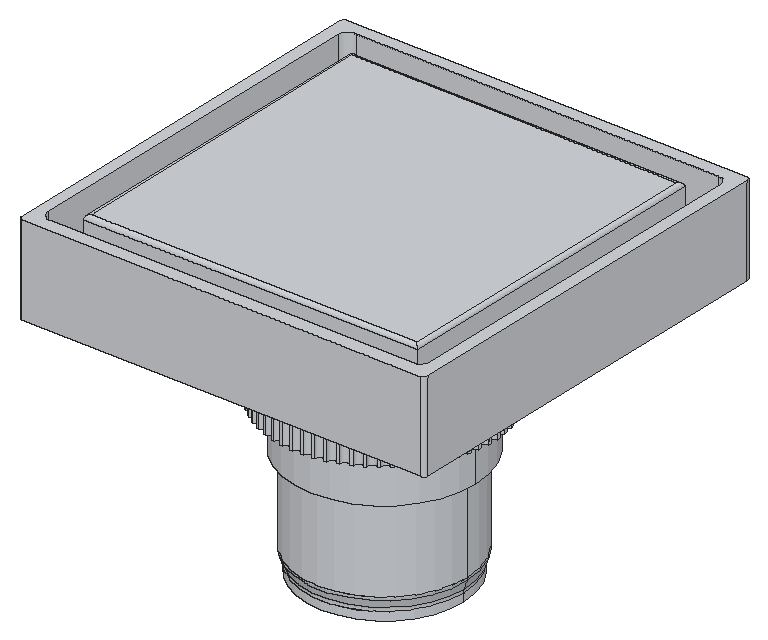
Revit family "Shower-Floor_Drain-KOHLER-HIDDEN-K-R75422T_1", category Plumbing Fixtures, host Face, Revit 2017
Family settings
  Host = Face
  Round Connector Dimension = Use Diameter
  Part Type = Normal
  OmniClass Number = 23.39.29.11
  OmniClass Title = Waste Water Drains
  Cut with Voids When Loaded = No
  Shared = No
  Room Calculation Point = No
Parameters (values of type "CP-Polished Chrome")
  Width = 3 15/16"  # constant formula
  WaterSense Certified = 1 = 0  # no
  Waste Water Outlet = "Waste Water Outlet"  # constant formula
  Waste Connection = 1 = 1  # yes
  Vent Connection = 1 = 0  # no
  URL = "http://www.kohler.com.cn/"
  Type = 1
  Product Page URL = ""
  Product Name = "HIDDEN"  # constant formula
  Product Documentation Link = ""
  Pressure = 0.00 psi
  Model = "K-R75422T-CP"  # constant formula
  Material = "Brass Construction"  # constant formula
  Master Format 2014 Name = "Sanitary Drains"  # constant formula
  Master Format 2014 = "22 13 19.13"  # constant formula
  Manufacturer Address = "Kohler Beijing Office (100016) 36-2-03-B, No. 88, Liuxiang Road, Beijing"  # constant formula
  Manufacturer = "KOHLER Co."  # constant formula
  Length = 3 15/16"  # constant formula
  Hot Water Inlet = "Hot Water Inlet"  # constant formula
  Height = 3 29/128"  # constant formula
  HW Connection = 1 = 0  # no
  Flow Rate = 0 GPM
  Finish = Kohler-Metal-CP-Polished_Chrome
  Environmental Product Declaration = ""
  Description = "Floor Drain 100mm X 100mm"  # constant formula
  Default Elevation = 0"
  Declare Label = ""
  Date Modified = "03/12/2021"  # constant formula
  Date Created = "03/12/2021"  # constant formula
  Copyright = "Copyright KOHLER Co."  # constant formula
  Contact Us = "http://www.kohler.com.cn/contact/contact-us/"
  Cold Water Inlet = "Cold Water Inlet"  # constant formula
  CW Connection = 1 = 0  # no
  Assembly Code = "D2030300"
  ADA Compliant = 1 = 0  # no
Reference planes (in)
  plane 1 "Center (Front/Back)": y = 0
  plane 2: z = 0
  plane 3 "Center (Left/Right)": x = 0
  plane 4: x = -1.9685039
  plane 5: x = -1.6141732
  plane 6: y = 1.9685039
  plane 7: y = 1.6141732
  plane 8: x = 1.9689961
  plane 9: x = 1.6141732
  plane 10: y = -1.9689961
  plane 11: y = -1.6141732
  plane 12: z = -0.8661417
  plane 13: z = -1.7322835
  plane 14: z = -2.1653543
  plane 15: z = -3.2265625
  plane 16: x = -1.0629921
  plane 17: x = -0.8858268
  plane 18: x = -0.8070866
  plane 19: x = 1.0629921
  plane 20: x = 0.8858268
  plane 21: x = 0.8070866
  plane 22: y = 1.0629921
  plane 23: y = 0.8858268
  plane 24: y = 0.8070866
  plane 25: y = -1.0629921
  plane 26: y = -0.8858268
  plane 27: y = -0.8070866
Forms (in)
  Extrusion 1, void
    sketch origin (0, 0, 0) x (1, 0, 0) y (0, 1, 0)
      loop
        line (1.929626, 1.9685039) -> (-1.9276712, 1.9685039)
        arc (-1.9276712, 1.9685039) -> (-1.9565443, 1.9565443) -> (-1.9685039, 1.9276712) r 0.0408327
        line (-1.9685039, 1.9276712) -> (-1.9685039, -1.929626)
        arc (-1.9685039, -1.929626) -> (-1.9569727, -1.9574648) -> (-1.9291339, -1.9689961) r 0.0393701
        line (-1.9291339, -1.9689961) -> (1.929626, -1.9689961)
        arc (1.929626, -1.9689961) -> (1.9574648, -1.9574648) -> (1.9689961, -1.929626) r 0.0393701
        line (1.9689961, -1.929626) -> (1.9689961, 1.9291339)
        arc (1.9689961, 1.9291339) -> (1.9574648, 1.9569727) -> (1.929626, 1.9685039) r 0.0393701
    from 0 to -0.8661417
  Revolve 2, void
    sketch origin (0, 0, 0) x (1, 0, 0) y (0, 0, 1)
      loop
        line (0, -3.2283465) -> (0, -0.8661417) -> (-1.0629921, -0.8661417) -> (-1.0629921, -3.2283465) -> (0, -3.2283465)
      axis (0, -0.8661417) -> (0, -3.2283465)
    angle from 0 to 360
Dimensions and locks (in)
  "Width": plane 4 to plane 8
  "Length": plane 6 to plane 10
  locked: plane 11 to plane 7 at 3.2283465
  locked: plane 5 to plane 9 at 3.2283465
  locked: plane 2 to plane 12 at 0.8661417
  locked: plane 2 to plane 13 at 1.7322835
  locked: plane 2 to plane 14 at 2.1653543
  "Height": plane 2 to plane 15
  locked: plane 18 to plane 21 at 1.6141732
  locked: plane 17 to plane 20 at 1.7716535
  locked: plane 16 to plane 19 at 2.1259843
  locked: plane 24 to plane 27 at 1.6141732
  locked: plane 23 to plane 26 at 1.7716535
  locked: plane 22 to plane 25 at 2.1259843
  aligned and locked: plane 2 to host face
  aligned and locked: level to host face
Automatic sketch dimensions
  host sketch curve to host sketch curve = 96"  (x2)
  Extrusion 1 sketch curve to plane 4 = 0"
  Extrusion 1 sketch curve to plane 10 = 0"
  plane 6 to Extrusion 1 sketch curve = 0"
  Extrusion 1 sketch curve to plane 8 = 0"
  Extrusion 1 sketch curve to plane 4 = 0.03937"
  Extrusion 1 sketch curve to Extrusion 1 sketch curve = 0.04083"
  Extrusion 1 sketch curve to Extrusion 1 sketch curve = 0.03937"
  Extrusion 1 sketch curve to plane 8 = 0.03937"
  Revolve 2 sketch curve to plane 3 "Center (Left/Right)" = 0"  (x2)
  Revolve 2 sketch curve to plane 5 = 0.55118"
  Revolve 2 sketch curve to level = 3.22835"
  Revolve 2 sketch curve to level = 0.86614"
  Revolve 2 sketch curve to Revolve 2 sketch curve = 0"
  Revolve 2 sketch curve to Revolve 2 sketch curve = 0.59055"
Nested families (in)
  nested 1: "K-R75422T" at (0, 0, 0), type "K-R75422T"
Connectors (in)
  piping at (0, 0, -3.2283465), diameter 1.6132813, driven by "Waste Connection", driven by "Waste Water Outlet"
    settings: on nested 1, index 1, connector inside diameter 24", connector length 0", flow factor 0, pipe flow 0 GPM, pressure drop 0.00 psi, fitting loss kfactor 0, connector angle 0.00°, fixture units 0, engagement length 0", angle of deflection 0.00°, flow configuration 0, flow direction 2, fitting loss method 0, system type 16, joint type 0, gender type 0, connector reference index -1, connector utility 1, adjustable connector no, is connector primary yes, connector description "Waste Water Outlet"
Definition of nested family "K-R75422T"
  Parameters (values of type "K-R75422T")
    Material = none
  Reference planes (in)
    plane 1 "Center (Front/Back)": y = 0
    plane 2: z = 0
    plane 3 "Center (Left/Right)": x = 0
    plane 4: x = -1.9685039
    plane 5: x = 1.9685039
    plane 6: y = 1.9685039
    plane 7: y = -1.9685039
    plane 8: x = -1.6141732
    plane 9: x = 1.6141732
    plane 10: y = 1.6141732
    plane 11: y = -1.6141732
    plane 12: z = -3.2283465
    plane 13: z = -2.1653543
    plane 14: z = -1.7322835
    plane 15: z = -0.8661417
    plane 16: x = -1.0629921
    plane 17: x = 1.0629921
    plane 18: x = -0.8858268
    plane 19: x = 0.8858268
    plane 20: x = -0.8070866
    plane 21: x = 0.8070866
  Forms (in)
    Revolve 1, solid, material <- "Material", detail levels medium+fine
      sketch origin (0, 0, 0) x (1, 0, 0) y (0, 0, 1)
        loop
          line (-0.8858268, -2.1653543) -> (-0.8070866, -2.1653543) -> (-0.8070866, -3.0022767)
          arc (-0.8070866, -3.0022767) -> (-0.8056356, -3.0188616) -> (-0.8013267, -3.0349426) r 0.095509
          line (-0.8013267, -3.0349426) -> (-0.7749488, -3.1074155)
          arc (-0.7749488, -3.1074155) -> (-0.7695384, -3.1276071) -> (-0.7677165, -3.1484315) r 0.1199227
          line (-0.7677165, -3.1484315) -> (-0.7677165, -3.2283465) -> (0, -3.2283465) -> (0, -0.8661417) -> (-1.0629921, -0.8661417) -> (-1.0629921, -1.246001)
          arc (-1.0629921, -1.246001) -> (-1.0566318, -1.2613562) -> (-1.0412766, -1.2677165) r 0.0217155
          line (-1.0412766, -1.2677165) -> (-0.9713761, -1.2677165) -> (-0.9291614, -1.2874016) -> (-1.0629921, -1.2874016) -> (-1.0629921, -1.7322835) -> (-0.8858268, -1.7322835) -> (-0.8858268, -2.1653543)
        axis (0, -0.8661417) -> (0, -3.2283465)
      angle from 0 to 360
    Extrusion 2, solid, material <- "Material", detail levels medium+fine
      sketch origin (0, 0, 0) x (1, 0, 0) y (0, 1, 0)
        loop
          arc (-1.9276712, 1.9685039) -> (-1.9565443, 1.9565443) -> (-1.9685039, 1.9276712) r 0.0408327
          line (-1.9685039, 1.9276712) -> (-1.9685039, -1.9291339)
          arc (-1.9685039, -1.9291339) -> (-1.9569727, -1.9569727) -> (-1.9291339, -1.9685039) r 0.0393701
          line (-1.9291339, -1.9685039) -> (1.9291339, -1.9685039)
          arc (1.9291339, -1.9685039) -> (1.9569727, -1.9569727) -> (1.9685039, -1.9291339) r 0.0393701
          line (1.9685039, -1.9291339) -> (1.9685039, 1.9291339)
          arc (1.9685039, 1.9291339) -> (1.9569727, 1.9569727) -> (1.9291339, 1.9685039) r 0.0393701
          line (1.9291339, 1.9685039) -> (-1.9276712, 1.9685039)
        loop
          line (1.7519685, 1.8503937) -> (-1.7536021, 1.8503937)
          arc (-1.7536021, 1.8503937) -> (-1.8220441, 1.8220441) -> (-1.8503937, 1.7536021) r 0.0967916
          line (-1.8503937, 1.7536021) -> (-1.8503937, -1.7519685)
          arc (-1.8503937, -1.7519685) -> (-1.8215656, -1.8215656) -> (-1.7519685, -1.8503937) r 0.0984252
          line (-1.7519685, -1.8503937) -> (1.7519685, -1.8503937)
          arc (1.7519685, -1.8503937) -> (1.8215656, -1.8215656) -> (1.8503937, -1.7519685) r 0.0984252
          line (1.8503937, -1.7519685) -> (1.8503937, 1.7519685)
          arc (1.8503937, 1.7519685) -> (1.8215656, 1.8215656) -> (1.7519685, 1.8503937) r 0.0984252
      from 0 to -0.8661417
    Sweep 3, solid, material <- "Material", detail levels medium+fine
      path origin (0, 0, 0) x (1, 0, 0) y (0, 1, 0)
        loop
          line (-1.6141732, 1.6141732) -> (-1.6141732, -1.6141732) -> (1.6141732, -1.6141732) -> (1.6141732, 1.6141732) -> (-1.6141732, 1.6141732)
      profile origin (-1.6141732, 0, 0) x (1, 0, 0) y (0, 0, 1)
        loop
          line (-0.2755906, -0.6102362) -> (-0.2755906, -0.8661417) -> (0.1968504, -0.8661417) -> (0.1968504, 0) -> (0.0393701, 0)
          arc (0.0393701, 0) -> (0.0115312, -0.0115312) -> (0, -0.0393701) r 0.0393701
          line (0, -0.0393701) -> (0, -0.6102362) -> (-0.2755906, -0.6102362)
    Extrusion 4, solid, material <- "Material", detail levels medium+fine
      sketch origin (0, 0, 0) x (1, 0, 0) y (0, 1, 0)
        loop
          line (-1.4173228, 1.4173228) -> (-1.4173228, -1.4173228) -> (1.4173228, -1.4173228) -> (1.4173228, 1.4173228) -> (-1.4173228, 1.4173228)
      from 0 to -0.8661417
    Extrusion 5, solid, material <- "Material", detail levels medium+fine
      sketch origin (0, 0, 0) x (1, 0, 0) y (0, 1, 0)
        loop
          line (-1.0629921, 1.8110236) -> (-1.0629921, 1.6141732) -> (-0.8858268, 1.6141732) -> (-0.8858268, 1.8110236)
          arc (-0.8858268, 1.8110236) -> (-0.8742955, 1.8388625) -> (-0.8464567, 1.8503937) r 0.0393701
          line (-0.8464567, 1.8503937) -> (-1.1023622, 1.8503937)
          arc (-1.1023622, 1.8503937) -> (-1.0745234, 1.8388625) -> (-1.0629921, 1.8110236) r 0.0393701
        loop
          arc (1.0629921, 1.8110236) -> (1.0745234, 1.8388625) -> (1.1023622, 1.8503937) r 0.0393701
          line (1.1023622, 1.8503937) -> (0.8464567, 1.8503937)
          arc (0.8464567, 1.8503937) -> (0.8742955, 1.8388625) -> (0.8858268, 1.8110236) r 0.0393701
          line (0.8858268, 1.8110236) -> (0.8858268, 1.6141732) -> (1.0629921, 1.6141732) -> (1.0629921, 1.8110236)
        loop
          line (-1.8110236, -1.0629921) -> (-1.6141732, -1.0629921) -> (-1.6141732, -0.8858268) -> (-1.8110236, -0.8858268)
          arc (-1.8110236, -0.8858268) -> (-1.8388625, -0.8742955) -> (-1.8503937, -0.8464567) r 0.0393701
          line (-1.8503937, -0.8464567) -> (-1.8503937, -1.1023622)
          arc (-1.8503937, -1.1023622) -> (-1.8388625, -1.0745234) -> (-1.8110236, -1.0629921) r 0.0393701
        loop
          arc (-1.8110236, 1.0629921) -> (-1.8388625, 1.0745234) -> (-1.8503937, 1.1023622) r 0.0393701
          line (-1.8503937, 1.1023622) -> (-1.8503937, 0.8464567)
          arc (-1.8503937, 0.8464567) -> (-1.8388625, 0.8742955) -> (-1.8110236, 0.8858268) r 0.0393701
          line (-1.8110236, 0.8858268) -> (-1.6141732, 0.8858268) -> (-1.6141732, 1.0629921) -> (-1.8110236, 1.0629921)
        loop
          arc (1.8110236, -1.0629921) -> (1.8388625, -1.0745234) -> (1.8503937, -1.1023622) r 0.0393701
          line (1.8503937, -1.1023622) -> (1.8503937, -0.8464567)
          arc (1.8503937, -0.8464567) -> (1.8388625, -0.8742955) -> (1.8110236, -0.8858268) r 0.0393701
          line (1.8110236, -0.8858268) -> (1.6141732, -0.8858268) -> (1.6141732, -1.0629921) -> (1.8110236, -1.0629921)
        loop
          line (1.8110236, 1.0629921) -> (1.6141732, 1.0629921) -> (1.6141732, 0.8858268) -> (1.8110236, 0.8858268)
          arc (1.8110236, 0.8858268) -> (1.8388625, 0.8742955) -> (1.8503937, 0.8464567) r 0.0393701
          line (1.8503937, 0.8464567) -> (1.8503937, 1.1023622)
          arc (1.8503937, 1.1023622) -> (1.8388625, 1.0745234) -> (1.8110236, 1.0629921) r 0.0393701
        loop
          arc (-1.0629921, -1.8110236) -> (-1.0745234, -1.8388625) -> (-1.1023622, -1.8503937) r 0.0393701
          line (-1.1023622, -1.8503937) -> (-0.8464567, -1.8503937)
          arc (-0.8464567, -1.8503937) -> (-0.8742955, -1.8388625) -> (-0.8858268, -1.8110236) r 0.0393701
          line (-0.8858268, -1.8110236) -> (-0.8858268, -1.6141732) -> (-1.0629921, -1.6141732) -> (-1.0629921, -1.8110236)
        loop
          line (1.0629921, -1.8110236) -> (1.0629921, -1.6141732) -> (0.8858268, -1.6141732) -> (0.8858268, -1.8110236)
          arc (0.8858268, -1.8110236) -> (0.8742955, -1.8388625) -> (0.8464567, -1.8503937) r 0.0393701
          line (0.8464567, -1.8503937) -> (1.1023622, -1.8503937)
          arc (1.1023622, -1.8503937) -> (1.0745234, -1.8388625) -> (1.0629921, -1.8110236) r 0.0393701
      from -0.3346457 to -0.6102362
    Extrusion 6, void
      sketch origin (0, 0, 0) x (1, 0, 0) y (0, 1, 0)
        loop
          arc (1.0629921, 0.0393701) -> (1.023622, 0) -> (1.0629921, -0.0393701) r 0.0393701
          line (1.0629921, -0.0393701) -> (1.1461242, -0.0393701) -> (1.1461242, 0.0393701) -> (1.0629921, 0.0393701)
        loop
          arc (1.0540146, 0.1433719) -> (1.018693, 0.1003325) -> (1.0617325, 0.0650109) r 0.0393701
          line (1.0617325, 0.0650109) -> (1.1444643, 0.0731593) -> (1.1367464, 0.1515203) -> (1.0540146, 0.1433719)
        loop
          arc (1.0348863, 0.2459931) -> (1.0039534, 0.1996988) -> (1.0502478, 0.1687659) r 0.0393701
          line (1.0502478, 0.1687659) -> (1.1317825, 0.1849842) -> (1.1164211, 0.2622113) -> (1.0348863, 0.2459931)
        loop
          arc (1.0057915, 0.3462451) -> (0.9795452, 0.2971418) -> (1.0286486, 0.2708955) r 0.0393701
          line (1.0286486, 0.2708955) -> (1.108201, 0.2950275) -> (1.085344, 0.3703771) -> (1.0057915, 0.3462451)
        loop
          arc (0.9670104, 0.4431627) -> (0.9457035, 0.3917232) -> (0.9971429, 0.3704163) r 0.0393701
          line (0.9971429, 0.3704163) -> (1.073947, 0.4022295) -> (1.0438144, 0.474976) -> (0.9670104, 0.4431627)
        loop
          arc (0.9189164, 0.5358123) -> (0.9027541, 0.4825321) -> (0.9560343, 0.4663697) r 0.0393701
          line (0.9560343, 0.4663697) -> (1.0293503, 0.5055579) -> (0.9922324, 0.5750005) -> (0.9189164, 0.5358123)
        loop
          arc (0.8619728, 0.6233018) -> (0.8511106, 0.5686939) -> (0.9057185, 0.5578318) r 0.0393701
          line (0.9057185, 0.5578318) -> (0.9748403, 0.6040175) -> (0.9310946, 0.6694875) -> (0.8619728, 0.6233018)
        loop
          arc (0.7967279, 0.7047885) -> (0.7912705, 0.649379) -> (0.8466801, 0.6439216) r 0.0393701
          line (0.8466801, 0.6439216) -> (0.9109421, 0.69666) -> (0.8609899, 0.757527) -> (0.7967279, 0.7047885)
        loop
          arc (0.7238101, 0.7794878) -> (0.7238101, 0.7238101) -> (0.7794878, 0.7238101) r 0.0393701
          line (0.7794878, 0.7238101) -> (0.8382711, 0.7825934) -> (0.7825934, 0.8382711) -> (0.7238101, 0.7794878)
        loop
          arc (0.6439216, 0.8466801) -> (0.649379, 0.7912705) -> (0.7047885, 0.7967279) r 0.0393701
          line (0.7047885, 0.7967279) -> (0.757527, 0.8609899) -> (0.69666, 0.9109421) -> (0.6439216, 0.8466801)
        loop
          arc (0.5578318, 0.9057185) -> (0.5686939, 0.8511106) -> (0.6233018, 0.8619728) r 0.0393701
          line (0.6233018, 0.8619728) -> (0.6694875, 0.9310946) -> (0.6040175, 0.9748403) -> (0.5578318, 0.9057185)
        loop
          arc (0.4663697, 0.9560343) -> (0.4825321, 0.9027541) -> (0.5358123, 0.9189164) r 0.0393701
          line (0.5358123, 0.9189164) -> (0.5750005, 0.9922324) -> (0.5055579, 1.0293503) -> (0.4663697, 0.9560343)
        loop
          arc (0.3704163, 0.9971429) -> (0.3917232, 0.9457035) -> (0.4431627, 0.9670104) r 0.0393701
          line (0.4431627, 0.9670104) -> (0.474976, 1.0438144) -> (0.4022295, 1.073947) -> (0.3704163, 0.9971429)
        loop
          arc (0.2708955, 1.0286486) -> (0.2971418, 0.9795452) -> (0.3462451, 1.0057915) r 0.0393701
          line (0.3462451, 1.0057915) -> (0.3703771, 1.085344) -> (0.2950275, 1.108201) -> (0.2708955, 1.0286486)
        loop
          arc (0.1687659, 1.0502478) -> (0.1996988, 1.0039534) -> (0.2459931, 1.0348863) r 0.0393701
          line (0.2459931, 1.0348863) -> (0.2622113, 1.1164211) -> (0.1849842, 1.1317825) -> (0.1687659, 1.0502478)
        loop
          arc (0.0650109, 1.0617325) -> (0.1003325, 1.018693) -> (0.1433719, 1.0540146) r 0.0393701
          line (0.1433719, 1.0540146) -> (0.1515203, 1.1367464) -> (0.0731593, 1.1444643) -> (0.0650109, 1.0617325)
        loop
          arc (-0.0393701, 1.0629921) -> (0, 1.023622) -> (0.0393701, 1.0629921) r 0.0393701
          line (0.0393701, 1.0629921) -> (0.0393701, 1.1461242) -> (-0.0393701, 1.1461242) -> (-0.0393701, 1.0629921)
        loop
          line (-1.0629921, 0.0393701) -> (-1.1461242, 0.0393701) -> (-1.1461242, -0.0393701) -> (-1.0629921, -0.0393701)
          arc (-1.0629921, -0.0393701) -> (-1.023622, 0) -> (-1.0629921, 0.0393701) r 0.0393701
        loop
          line (-1.0540146, 0.1433719) -> (-1.1367464, 0.1515203) -> (-1.1444643, 0.0731593) -> (-1.0617325, 0.0650109)
          arc (-1.0617325, 0.0650109) -> (-1.018693, 0.1003325) -> (-1.0540146, 0.1433719) r 0.0393701
        loop
          line (-1.0348863, 0.2459931) -> (-1.1164211, 0.2622113) -> (-1.1317825, 0.1849842) -> (-1.0502478, 0.1687659)
          arc (-1.0502478, 0.1687659) -> (-1.0039534, 0.1996988) -> (-1.0348863, 0.2459931) r 0.0393701
        loop
          line (-1.0057915, 0.3462451) -> (-1.085344, 0.3703771) -> (-1.108201, 0.2950275) -> (-1.0286486, 0.2708955)
          arc (-1.0286486, 0.2708955) -> (-0.9795452, 0.2971418) -> (-1.0057915, 0.3462451) r 0.0393701
        loop
          line (-0.9670104, 0.4431627) -> (-1.0438144, 0.474976) -> (-1.073947, 0.4022295) -> (-0.9971429, 0.3704163)
          arc (-0.9971429, 0.3704163) -> (-0.9457035, 0.3917232) -> (-0.9670104, 0.4431627) r 0.0393701
        loop
          line (-0.9189164, 0.5358123) -> (-0.9922324, 0.5750005) -> (-1.0293503, 0.5055579) -> (-0.9560343, 0.4663697)
          arc (-0.9560343, 0.4663697) -> (-0.9027541, 0.4825321) -> (-0.9189164, 0.5358123) r 0.0393701
        loop
          line (-0.8619728, 0.6233018) -> (-0.9310946, 0.6694875) -> (-0.9748403, 0.6040175) -> (-0.9057185, 0.5578318)
          arc (-0.9057185, 0.5578318) -> (-0.8511106, 0.5686939) -> (-0.8619728, 0.6233018) r 0.0393701
        loop
          line (-0.7967279, 0.7047885) -> (-0.8609899, 0.757527) -> (-0.9109421, 0.69666) -> (-0.8466801, 0.6439216)
          arc (-0.8466801, 0.6439216) -> (-0.7912705, 0.649379) -> (-0.7967279, 0.7047885) r 0.0393701
        loop
          line (-0.7238101, 0.7794878) -> (-0.7825934, 0.8382711) -> (-0.8382711, 0.7825934) -> (-0.7794878, 0.7238101)
          arc (-0.7794878, 0.7238101) -> (-0.7238101, 0.7238101) -> (-0.7238101, 0.7794878) r 0.0393701
        loop
          line (-0.6439216, 0.8466801) -> (-0.69666, 0.9109421) -> (-0.757527, 0.8609899) -> (-0.7047885, 0.7967279)
          arc (-0.7047885, 0.7967279) -> (-0.649379, 0.7912705) -> (-0.6439216, 0.8466801) r 0.0393701
        loop
          line (-0.5578318, 0.9057185) -> (-0.6040175, 0.9748403) -> (-0.6694875, 0.9310946) -> (-0.6233018, 0.8619728)
          arc (-0.6233018, 0.8619728) -> (-0.5686939, 0.8511106) -> (-0.5578318, 0.9057185) r 0.0393701
        loop
          line (-0.4663697, 0.9560343) -> (-0.5055579, 1.0293503) -> (-0.5750005, 0.9922324) -> (-0.5358123, 0.9189164)
          arc (-0.5358123, 0.9189164) -> (-0.4825321, 0.9027541) -> (-0.4663697, 0.9560343) r 0.0393701
        loop
          line (-0.3704163, 0.9971429) -> (-0.4022295, 1.073947) -> (-0.474976, 1.0438144) -> (-0.4431627, 0.9670104)
          arc (-0.4431627, 0.9670104) -> (-0.3917232, 0.9457035) -> (-0.3704163, 0.9971429) r 0.0393701
        loop
          line (-0.2708955, 1.0286486) -> (-0.2950275, 1.108201) -> (-0.3703771, 1.085344) -> (-0.3462451, 1.0057915)
          arc (-0.3462451, 1.0057915) -> (-0.2971418, 0.9795452) -> (-0.2708955, 1.0286486) r 0.0393701
        loop
          line (-0.1687659, 1.0502478) -> (-0.1849842, 1.1317825) -> (-0.2622113, 1.1164211) -> (-0.2459931, 1.0348863)
          arc (-0.2459931, 1.0348863) -> (-0.1996988, 1.0039534) -> (-0.1687659, 1.0502478) r 0.0393701
        loop
          line (-0.0650109, 1.0617325) -> (-0.0731593, 1.1444643) -> (-0.1515203, 1.1367464) -> (-0.1433719, 1.0540146)
          arc (-0.1433719, 1.0540146) -> (-0.1003325, 1.018693) -> (-0.0650109, 1.0617325) r 0.0393701
        loop
          line (1.0540146, -0.1433719) -> (1.1367464, -0.1515203) -> (1.1444643, -0.0731593) -> (1.0617325, -0.0650109)
          arc (1.0617325, -0.0650109) -> (1.018693, -0.1003325) -> (1.0540146, -0.1433719) r 0.0393701
        loop
          line (1.0348863, -0.2459931) -> (1.1164211, -0.2622113) -> (1.1317825, -0.1849842) -> (1.0502478, -0.1687659)
          arc (1.0502478, -0.1687659) -> (1.0039534, -0.1996988) -> (1.0348863, -0.2459931) r 0.0393701
        loop
          line (1.0057915, -0.3462451) -> (1.085344, -0.3703771) -> (1.108201, -0.2950275) -> (1.0286486, -0.2708955)
          arc (1.0286486, -0.2708955) -> (0.9795452, -0.2971418) -> (1.0057915, -0.3462451) r 0.0393701
        loop
          line (0.9670104, -0.4431627) -> (1.0438144, -0.474976) -> (1.073947, -0.4022295) -> (0.9971429, -0.3704163)
          arc (0.9971429, -0.3704163) -> (0.9457035, -0.3917232) -> (0.9670104, -0.4431627) r 0.0393701
        loop
          line (0.9189164, -0.5358123) -> (0.9922324, -0.5750005) -> (1.0293503, -0.5055579) -> (0.9560343, -0.4663697)
          arc (0.9560343, -0.4663697) -> (0.9027541, -0.4825321) -> (0.9189164, -0.5358123) r 0.0393701
        loop
          line (0.8619728, -0.6233018) -> (0.9310946, -0.6694875) -> (0.9748403, -0.6040175) -> (0.9057185, -0.5578318)
          arc (0.9057185, -0.5578318) -> (0.8511106, -0.5686939) -> (0.8619728, -0.6233018) r 0.0393701
        loop
          line (0.7967279, -0.7047885) -> (0.8609899, -0.757527) -> (0.9109421, -0.69666) -> (0.8466801, -0.6439216)
          arc (0.8466801, -0.6439216) -> (0.7912705, -0.649379) -> (0.7967279, -0.7047885) r 0.0393701
        loop
          line (0.7238101, -0.7794878) -> (0.7825934, -0.8382711) -> (0.8382711, -0.7825934) -> (0.7794878, -0.7238101)
          arc (0.7794878, -0.7238101) -> (0.7238101, -0.7238101) -> (0.7238101, -0.7794878) r 0.0393701
        loop
          line (0.6439216, -0.8466801) -> (0.69666, -0.9109421) -> (0.757527, -0.8609899) -> (0.7047885, -0.7967279)
          arc (0.7047885, -0.7967279) -> (0.649379, -0.7912705) -> (0.6439216, -0.8466801) r 0.0393701
        loop
          line (0.5578318, -0.9057185) -> (0.6040175, -0.9748403) -> (0.6694875, -0.9310946) -> (0.6233018, -0.8619728)
          arc (0.6233018, -0.8619728) -> (0.5686939, -0.8511106) -> (0.5578318, -0.9057185) r 0.0393701
        loop
          line (0.4663697, -0.9560343) -> (0.5055579, -1.0293503) -> (0.5750005, -0.9922324) -> (0.5358123, -0.9189164)
          arc (0.5358123, -0.9189164) -> (0.4825321, -0.9027541) -> (0.4663697, -0.9560343) r 0.0393701
        loop
          line (0.3704163, -0.9971429) -> (0.4022295, -1.073947) -> (0.474976, -1.0438144) -> (0.4431627, -0.9670104)
          arc (0.4431627, -0.9670104) -> (0.3917232, -0.9457035) -> (0.3704163, -0.9971429) r 0.0393701
        loop
          line (0.2708955, -1.0286486) -> (0.2950275, -1.108201) -> (0.3703771, -1.085344) -> (0.3462451, -1.0057915)
          arc (0.3462451, -1.0057915) -> (0.2971418, -0.9795452) -> (0.2708955, -1.0286486) r 0.0393701
        loop
          line (0.1687659, -1.0502478) -> (0.1849842, -1.1317825) -> (0.2622113, -1.1164211) -> (0.2459931, -1.0348863)
          arc (0.2459931, -1.0348863) -> (0.1996988, -1.0039534) -> (0.1687659, -1.0502478) r 0.0393701
        loop
          line (0.0650109, -1.0617325) -> (0.0731593, -1.1444643) -> (0.1515203, -1.1367464) -> (0.1433719, -1.0540146)
          arc (0.1433719, -1.0540146) -> (0.1003325, -1.018693) -> (0.0650109, -1.0617325) r 0.0393701
        loop
          line (-0.0393701, -1.0629921) -> (-0.0393701, -1.1461242) -> (0.0393701, -1.1461242) -> (0.0393701, -1.0629921)
          arc (0.0393701, -1.0629921) -> (0, -1.023622) -> (-0.0393701, -1.0629921) r 0.0393701
        loop
          arc (-1.0540146, -0.1433719) -> (-1.018693, -0.1003325) -> (-1.0617325, -0.0650109) r 0.0393701
          line (-1.0617325, -0.0650109) -> (-1.1444643, -0.0731593) -> (-1.1367464, -0.1515203) -> (-1.0540146, -0.1433719)
        loop
          arc (-1.0348863, -0.2459931) -> (-1.0039534, -0.1996988) -> (-1.0502478, -0.1687659) r 0.0393701
          line (-1.0502478, -0.1687659) -> (-1.1317825, -0.1849842) -> (-1.1164211, -0.2622113) -> (-1.0348863, -0.2459931)
        loop
          arc (-1.0057915, -0.3462451) -> (-0.9795452, -0.2971418) -> (-1.0286486, -0.2708955) r 0.0393701
          line (-1.0286486, -0.2708955) -> (-1.108201, -0.2950275) -> (-1.085344, -0.3703771) -> (-1.0057915, -0.3462451)
        loop
          arc (-0.9670104, -0.4431627) -> (-0.9457035, -0.3917232) -> (-0.9971429, -0.3704163) r 0.0393701
          line (-0.9971429, -0.3704163) -> (-1.073947, -0.4022295) -> (-1.0438144, -0.474976) -> (-0.9670104, -0.4431627)
        loop
          arc (-0.9189164, -0.5358123) -> (-0.9027541, -0.4825321) -> (-0.9560343, -0.4663697) r 0.0393701
          line (-0.9560343, -0.4663697) -> (-1.0293503, -0.5055579) -> (-0.9922324, -0.5750005) -> (-0.9189164, -0.5358123)
        loop
          arc (-0.8619728, -0.6233018) -> (-0.8511106, -0.5686939) -> (-0.9057185, -0.5578318) r 0.0393701
          line (-0.9057185, -0.5578318) -> (-0.9748403, -0.6040175) -> (-0.9310946, -0.6694875) -> (-0.8619728, -0.6233018)
        loop
          arc (-0.7967279, -0.7047885) -> (-0.7912705, -0.649379) -> (-0.8466801, -0.6439216) r 0.0393701
          line (-0.8466801, -0.6439216) -> (-0.9109421, -0.69666) -> (-0.8609899, -0.757527) -> (-0.7967279, -0.7047885)
        loop
          arc (-0.7238101, -0.7794878) -> (-0.7238101, -0.7238101) -> (-0.7794878, -0.7238101) r 0.0393701
          line (-0.7794878, -0.7238101) -> (-0.8382711, -0.7825934) -> (-0.7825934, -0.8382711) -> (-0.7238101, -0.7794878)
        loop
          arc (-0.6439216, -0.8466801) -> (-0.649379, -0.7912705) -> (-0.7047885, -0.7967279) r 0.0393701
          line (-0.7047885, -0.7967279) -> (-0.757527, -0.8609899) -> (-0.69666, -0.9109421) -> (-0.6439216, -0.8466801)
        loop
          arc (-0.5578318, -0.9057185) -> (-0.5686939, -0.8511106) -> (-0.6233018, -0.8619728) r 0.0393701
          line (-0.6233018, -0.8619728) -> (-0.6694875, -0.9310946) -> (-0.6040175, -0.9748403) -> (-0.5578318, -0.9057185)
        loop
          arc (-0.4663697, -0.9560343) -> (-0.4825321, -0.9027541) -> (-0.5358123, -0.9189164) r 0.0393701
          line (-0.5358123, -0.9189164) -> (-0.5750005, -0.9922324) -> (-0.5055579, -1.0293503) -> (-0.4663697, -0.9560343)
        loop
          arc (-0.3704163, -0.9971429) -> (-0.3917232, -0.9457035) -> (-0.4431627, -0.9670104) r 0.0393701
          line (-0.4431627, -0.9670104) -> (-0.474976, -1.0438144) -> (-0.4022295, -1.073947) -> (-0.3704163, -0.9971429)
        loop
          arc (-0.2708955, -1.0286486) -> (-0.2971418, -0.9795452) -> (-0.3462451, -1.0057915) r 0.0393701
          line (-0.3462451, -1.0057915) -> (-0.3703771, -1.085344) -> (-0.2950275, -1.108201) -> (-0.2708955, -1.0286486)
        loop
          arc (-0.1687659, -1.0502478) -> (-0.1996988, -1.0039534) -> (-0.2459931, -1.0348863) r 0.0393701
          line (-0.2459931, -1.0348863) -> (-0.2622113, -1.1164211) -> (-0.1849842, -1.1317825) -> (-0.1687659, -1.0502478)
        loop
          arc (-0.0650109, -1.0617325) -> (-0.1003325, -1.018693) -> (-0.1433719, -1.0540146) r 0.0393701
          line (-0.1433719, -1.0540146) -> (-0.1515203, -1.1367464) -> (-0.0731593, -1.1444643) -> (-0.0650109, -1.0617325)
      from -1.8535606 to -1.2874016
    Revolve 7, solid, material <- "Material", detail levels coarse
      sketch origin (0, 0, 0) x (1, 0, 0) y (0, 0, 1)
        loop
          line (-1.0629921, -0.8661417) -> (-1.0629921, -3.2283465) -> (0, -3.2283465) -> (0, -0.8661417) -> (-1.0629921, -0.8661417)
        axis (0, -0.8661417) -> (0, -3.2283465)
      angle from 0 to 360
    Extrusion 8, solid, material <- "Material", detail levels coarse
      sketch origin (0, 0, 0) x (1, 0, 0) y (0, 1, 0)
        loop
          line (-1.9685039, 1.9685039) -> (-1.9685039, -1.9685039) -> (1.9685039, -1.9685039) -> (1.9685039, 1.9685039) -> (-1.9685039, 1.9685039)
      from 0 to -0.8661417
  Cuts and joins
    Extrusion 6 cuts Revolve 1
    joined: Revolve 1, Extrusion 2, Sweep 3, Extrusion 4, Extrusion 5
    joined: Revolve 7, Extrusion 8
  Lines and regions (in)
    Masking region 1
      outline origin (0, 0, 0) x (1, 0, 0) y (0, 1, 0)
        loop
          arc (-1.9276712, 1.9685039) -> (-1.9565443, 1.9565443) -> (-1.9685039, 1.9276712) r 0.0408327
          line (-1.9685039, 1.9276712) -> (-1.9685039, -1.9291339)
          arc (-1.9685039, -1.9291339) -> (-1.9569727, -1.9569727) -> (-1.9291339, -1.9685039) r 0.0393701
          line (-1.9291339, -1.9685039) -> (1.9291339, -1.9685039)
          arc (1.9291339, -1.9685039) -> (1.9569727, -1.9569727) -> (1.9685039, -1.9291339) r 0.0393701
          line (1.9685039, -1.9291339) -> (1.9685039, 1.9291339)
          arc (1.9685039, 1.9291339) -> (1.9569727, 1.9569727) -> (1.9291339, 1.9685039) r 0.0393701
          line (1.9291339, 1.9685039) -> (-1.9276712, 1.9685039)
    Masking region 2
      outline origin (0, 0, 0) x (1, 0, 0) y (0, 0, 1)
        loop
          line (-0.8858268, -2.1653543) -> (-0.8070866, -2.1653543) -> (-0.8070866, -3.0022767)
          arc (-0.8070866, -3.0022767) -> (-0.8056356, -3.0188616) -> (-0.8013267, -3.0349426) r 0.095509
          line (-0.8013267, -3.0349426) -> (-0.7749488, -3.1074155)
          arc (-0.7749488, -3.1074155) -> (-0.7695384, -3.1276071) -> (-0.7677165, -3.1484315) r 0.1199227
          line (-0.7677165, -3.1484315) -> (-0.7677165, -3.2283465) -> (0.7677165, -3.2283465) -> (0.7677165, -3.1484315)
          arc (0.7677165, -3.1484315) -> (0.7695384, -3.1276071) -> (0.7749488, -3.1074155) r 0.1199227
          line (0.7749488, -3.1074155) -> (0.8013267, -3.0349426)
          arc (0.8013267, -3.0349426) -> (0.8056356, -3.0188616) -> (0.8070866, -3.0022767) r 0.095509
          line (0.8070866, -3.0022767) -> (0.8070866, -2.1653543) -> (0.8858268, -2.1653543) -> (0.8858268, -1.7322835) -> (1.0241311, -1.7322835)
          arc (1.0241311, -1.7322835) -> (1.05161, -1.7209013) -> (1.0629921, -1.6934224) r 0.038861
          line (1.0629921, -1.6934224) -> (1.0629921, -1.2874016) -> (0.9291614, -1.2874016) -> (0.9713761, -1.2677165) -> (1.0412766, -1.2677165)
          arc (1.0412766, -1.2677165) -> (1.0566318, -1.2613562) -> (1.0629921, -1.246001) r 0.0217155
          line (1.0629921, -1.246001) -> (1.0629921, -0.8661417) -> (1.9685039, -0.8661417) -> (1.9685039, 0) -> (-1.9685039, 0) -> (-1.9685039, -0.8661417) -> (-1.0629921, -0.8661417) -> (-1.0629921, -1.246001)
          arc (-1.0629921, -1.246001) -> (-1.0566318, -1.2613562) -> (-1.0412766, -1.2677165) r 0.0217155
          line (-1.0412766, -1.2677165) -> (-0.9713761, -1.2677165) -> (-0.9291614, -1.2874016) -> (-1.0629921, -1.2874016) -> (-1.0629921, -1.6934224)
          arc (-1.0629921, -1.6934224) -> (-1.05161, -1.7209013) -> (-1.0241311, -1.7322835) r 0.038861
          line (-1.0241311, -1.7322835) -> (-0.8858268, -1.7322835) -> (-0.8858268, -2.1653543)
    Masking region 3
      outline origin (0, 0, 0) x (0, 1, 0) y (0, 0, 1)
        loop
          line (0.8858268, -2.1653543) -> (0.8858268, -1.7322835) -> (1.0241311, -1.7322835)
          arc (1.0241311, -1.7322835) -> (1.05161, -1.7209013) -> (1.0629921, -1.6934224) r 0.038861
          line (1.0629921, -1.6934224) -> (1.0629921, -1.2874016) -> (0.9291614, -1.2874016) -> (0.9713761, -1.2677165) -> (1.0412766, -1.2677165)
          arc (1.0412766, -1.2677165) -> (1.0566318, -1.2613562) -> (1.0629921, -1.246001) r 0.0217155
          line (1.0629921, -1.246001) -> (1.0629921, -0.8661417) -> (1.9685039, -0.8661417) -> (1.9685039, 0) -> (-1.9685039, 0) -> (-1.9685039, -0.8661417) -> (-1.0629921, -0.8661417) -> (-1.0629921, -1.246001)
          arc (-1.0629921, -1.246001) -> (-1.0566318, -1.2613562) -> (-1.0412766, -1.2677165) r 0.0217155
          line (-1.0412766, -1.2677165) -> (-0.9713761, -1.2677165) -> (-0.9291614, -1.2874016) -> (-1.0629921, -1.2874016) -> (-1.0629921, -1.6934224)
          arc (-1.0629921, -1.6934224) -> (-1.05161, -1.7209013) -> (-1.0241311, -1.7322835) r 0.038861
          line (-1.0241311, -1.7322835) -> (-0.8858268, -1.7322835) -> (-0.8858268, -2.1653543) -> (-0.8070866, -2.1653543) -> (-0.8070866, -3.0022767)
          arc (-0.8070866, -3.0022767) -> (-0.8056356, -3.0188616) -> (-0.8013267, -3.0349426) r 0.095509
          line (-0.8013267, -3.0349426) -> (-0.7749488, -3.1074155)
          arc (-0.7749488, -3.1074155) -> (-0.7695384, -3.1276071) -> (-0.7677165, -3.1484315) r 0.1199227
          line (-0.7677165, -3.1484315) -> (-0.7677165, -3.2283465) -> (0.7677165, -3.2283465) -> (0.7677165, -3.1484315)
          arc (0.7677165, -3.1484315) -> (0.7695384, -3.1276071) -> (0.7749488, -3.1074155) r 0.1199227
          line (0.7749488, -3.1074155) -> (0.8013267, -3.0349426)
          arc (0.8013267, -3.0349426) -> (0.8056356, -3.0188616) -> (0.8070866, -3.0022767) r 0.095509
          line (0.8070866, -3.0022767) -> (0.8070866, -2.1653543) -> (0.8858268, -2.1653543)
    symbolic lines, detail levels medium+fine
      curve 1: line (-1.7536021, 1.8503937, 0) -> (1.7519685, 1.8503937, 0)
      curve 2: arc (1.7519685, 1.8503937, 0) -> (1.8215656, 1.8215656, 0) -> (1.8503937, 1.7519685, 0) r 0.0984252
      curve 3: line (1.8503937, 1.7519685, 0) -> (1.8503937, -1.7519685, 0)
      curve 4: arc (1.8503937, -1.7519685, 0) -> (1.8215656, -1.8215656, 0) -> (1.7519685, -1.8503937, 0) r 0.0984252
      curve 5: line (1.7519685, -1.8503937, 0) -> (-1.7519685, -1.8503937, 0)
      curve 6: arc (-1.7519685, -1.8503937, 0) -> (-1.8215656, -1.8215656, 0) -> (-1.8503937, -1.7519685, 0) r 0.0984252
      curve 7: line (-1.8503937, -1.7519685, 0) -> (-1.8503937, 1.7536021, 0)
      curve 8: arc (-1.8503937, 1.7536021, 0) -> (-1.8220441, 1.8220441, 0) -> (-1.7536021, 1.8503937, 0) r 0.0967916
      curve 9: arc (-1.1023622, 1.8503937, 0) -> (-1.0745234, 1.8388625, 0) -> (-1.0629921, 1.8110236, 0) r 0.0393701
      curve 10: line (-1.0629921, 1.8110236, 0) -> (-1.0629921, 1.6141732, 0)
      curve 11: line (-0.8858268, 1.6141732, 0) -> (-0.8858268, 1.8110236, 0)
      curve 12: arc (-0.8858268, 1.8110236, 0) -> (-0.8742955, 1.8388625, 0) -> (-0.8464567, 1.8503937, 0) r 0.0393701
      curve 13: arc (0.8464567, 1.8503937, 0) -> (0.8742955, 1.8388625, 0) -> (0.8858268, 1.8110236, 0) r 0.0393701
      curve 14: line (0.8858268, 1.8110236, 0) -> (0.8858268, 1.6141732, 0)
      curve 15: line (1.0629921, 1.6141732, 0) -> (1.0629921, 1.8110236, 0)
      curve 16: arc (1.0629921, 1.8110236, 0) -> (1.0745234, 1.8388625, 0) -> (1.1023622, 1.8503937, 0) r 0.0393701
      curve 17: line (1.8110236, 1.0629921, 0) -> (1.6141732, 1.0629921, 0)
      curve 18: arc (1.8503937, 1.1023622, 0) -> (1.8388625, 1.0745234, 0) -> (1.8110236, 1.0629921, 0) r 0.0393701
      curve 19: line (1.6141732, 0.8858268, 0) -> (1.8110236, 0.8858268, 0)
      curve 20: arc (1.8110236, 0.8858268, 0) -> (1.8388625, 0.8742955, 0) -> (1.8503937, 0.8464567, 0) r 0.0393701
      curve 21: line (1.8110236, -0.8858268, 0) -> (1.6141732, -0.8858268, 0)
      curve 22: arc (1.8503937, -0.8464567, 0) -> (1.8388625, -0.8742955, 0) -> (1.8110236, -0.8858268, 0) r 0.0393701
      curve 23: line (1.6141732, -1.0629921, 0) -> (1.8110236, -1.0629921, 0)
      curve 24: arc (1.8110236, -1.0629921, 0) -> (1.8388625, -1.0745234, 0) -> (1.8503937, -1.1023622, 0) r 0.0393701
      curve 25: line (1.0629921, -1.8110236, 0) -> (1.0629921, -1.6141732, 0)
      curve 26: arc (1.1023622, -1.8503937, 0) -> (1.0745234, -1.8388625, 0) -> (1.0629921, -1.8110236, 0) r 0.0393701
      curve 27: line (0.8858268, -1.6141732, 0) -> (0.8858268, -1.8110236, 0)
      curve 28: arc (0.8858268, -1.8110236, 0) -> (0.8742955, -1.8388625, 0) -> (0.8464567, -1.8503937, 0) r 0.0393701
      curve 29: line (-1.0629921, -1.6141732, 0) -> (-1.0629921, -1.8110236, 0)
      curve 30: arc (-1.0629921, -1.8110236, 0) -> (-1.0745234, -1.8388625, 0) -> (-1.1023622, -1.8503937, 0) r 0.0393701
      curve 31: line (-0.8858268, -1.8110236, 0) -> (-0.8858268, -1.6141732, 0)
      curve 32: arc (-0.8464567, -1.8503937, 0) -> (-0.8742955, -1.8388625, 0) -> (-0.8858268, -1.8110236, 0) r 0.0393701
      curve 33: line (-1.8110236, -1.0629921, 0) -> (-1.6141732, -1.0629921, 0)
      curve 34: arc (-1.8503937, -1.1023622, 0) -> (-1.8388625, -1.0745234, 0) -> (-1.8110236, -1.0629921, 0) r 0.0393701
      curve 35: arc (-1.8110236, -0.8858268, 0) -> (-1.8388625, -0.8742955, 0) -> (-1.8503937, -0.8464567, 0) r 0.0393701
      curve 36: line (-1.6141732, -0.8858268, 0) -> (-1.8110236, -0.8858268, 0)
      curve 37: line (-1.6141732, 1.0629921, 0) -> (-1.8110236, 1.0629921, 0)
      curve 38: arc (-1.8110236, 1.0629921, 0) -> (-1.8388625, 1.0745234, 0) -> (-1.8503937, 1.1023622, 0) r 0.0393701
      curve 39: arc (-1.8503937, 0.8464567, 0) -> (-1.8388625, 0.8742955, 0) -> (-1.8110236, 0.8858268, 0) r 0.0393701
      curve 40: line (-1.8110236, 0.8858268, 0) -> (-1.6141732, 0.8858268, 0)
      curve 41: line (-1.6141732, 1.6141732, 0) -> (-1.6141732, -1.6141732, 0)
      curve 42: line (-1.6141732, 1.6141732, 0) -> (1.6141732, 1.6141732, 0)
      curve 43: line (-1.6141732, -1.6141732, 0) -> (1.6141732, -1.6141732, 0)
      curve 44: line (1.6141732, 1.6141732, 0) -> (1.6141732, -1.6141732, 0)
      curve 45: line (-1.0629921, 0, -0.8661417) -> (1.0629921, 0, -0.8661417)
      curve 46: line (-0.9713761, 0, -1.2677165) -> (0.9713761, 0, -1.2677165)
      curve 47: line (-0.9291614, 0, -1.2874016) -> (0.9291614, 0, -1.2874016)
      curve 48: line (-0.9182766, 0, -1.7322835) -> (0.9182766, 0, -1.7322835)
      curve 49: line (-0.8070866, 0, -2.1653543) -> (0.8070866, 0, -2.1653543)
      curve 50: line (-1.0610062, 0, -1.7056797) -> (-1.0610062, 0, -1.2874016)
      curve 51: line (-1.0532897, 0, -1.2874016) -> (-1.0532897, 0, -1.7191086)
      curve 52: line (-1.0495314, 0, -1.7228298) -> (-1.0495314, 0, -1.2874016)
      curve 53: line (-1.0341726, 0, -1.2874016) -> (-1.0341726, 0, -1.7309637)
      curve 54: line (-1.0279489, 0, -1.7320901) -> (-1.0279489, 0, -1.2874016)
      curve 55: line (-1.0050958, 0, -1.2874016) -> (-1.0050958, 0, -1.7322835)
      curve 56: line (-0.9964668, 0, -1.7322835) -> (-0.9964668, 0, -1.2874016)
      curve 57: line (-0.9663394, 0, -1.2874016) -> (-0.9663394, 0, -1.7322835)
      curve 58: line (-0.9553881, 0, -1.7322835) -> (-0.9553881, 0, -1.2874016)
      curve 59: line (-0.9182766, 0, -1.2874016) -> (-0.9182766, 0, -1.7322835)
      curve 60: line (-0.9051085, 0, -1.7322835) -> (-0.9051085, 0, -1.2874016)
      curve 61: line (-0.8613704, 0, -1.2874016) -> (-0.8613704, 0, -1.7322835)
      curve 62: line (-0.8461123, 0, -1.7322835) -> (-0.8461123, 0, -1.2874016)
      curve 63: line (-0.7961686, 0, -1.2874016) -> (-0.7961686, 0, -1.7322835)
      curve 64: line (-0.7789675, 0, -1.7322835) -> (-0.7789675, 0, -1.2874016)
      curve 65: line (-0.7232993, 0, -1.2874016) -> (-0.7232993, 0, -1.7322835)
      curve 66: line (-0.7043208, 0, -1.7322835) -> (-0.7043208, 0, -1.2874016)
      curve 67: line (-0.6434643, 0, -1.2874016) -> (-0.6434643, 0, -1.7322835)
      curve 68: line (-0.6228911, 0, -1.7322835) -> (-0.6228911, 0, -1.2874016)
      curve 69: line (-0.5574323, 0, -1.2874016) -> (-0.5574323, 0, -1.7322835)
      curve 70: line (-0.5354627, 0, -1.7322835) -> (-0.5354627, 0, -1.2874016)
      curve 71: line (-0.4428774, 0, -1.7322835) -> (-0.4428774, 0, -1.2874016)
      curve 72: line (-0.3701435, 0, -1.2874016) -> (-0.3701435, 0, -1.7322835)
      curve 73: line (-0.346027, 0, -1.7322835) -> (-0.346027, 0, -1.2874016)
      curve 74: line (-0.2706903, 0, -1.2874016) -> (-0.2706903, 0, -1.7322835)
      curve 75: line (-0.2458442, 0, -1.7322835) -> (-0.2458442, 0, -1.2874016)
      curve 76: line (-0.1686303, 0, -1.2874016) -> (-0.1686303, 0, -1.7322835)
      curve 77: line (-0.1432938, 0, -1.7322835) -> (-0.1432938, 0, -1.2874016)
      curve 78: line (-0.0649462, 0, -1.2874016) -> (-0.0649462, 0, -1.7322835)
      curve 79: line (-0.0393633, 0, -1.7322835) -> (-0.0393633, 0, -1.2874016)
      curve 80: line (1.0610062, 0, -1.7056797) -> (1.0610062, 0, -1.2874016)
      curve 81: line (1.0532897, 0, -1.2874016) -> (1.0532897, 0, -1.7191086)
      curve 82: line (1.0495314, 0, -1.7228298) -> (1.0495314, 0, -1.2874016)
      curve 83: line (1.0341726, 0, -1.2874016) -> (1.0341726, 0, -1.7309637)
      curve 84: line (1.0279489, 0, -1.7320901) -> (1.0279489, 0, -1.2874016)
      curve 85: line (1.0050958, 0, -1.2874016) -> (1.0050958, 0, -1.7322835)
      curve 86: line (0.9964668, 0, -1.7322835) -> (0.9964668, 0, -1.2874016)
      curve 87: line (0.9663394, 0, -1.2874016) -> (0.9663394, 0, -1.7322835)
      curve 88: line (0.9553881, 0, -1.7322835) -> (0.9553881, 0, -1.2874016)
      curve 89: line (0.9182766, 0, -1.2874016) -> (0.9182766, 0, -1.7322835)
      curve 90: line (0.9051085, 0, -1.7322835) -> (0.9051085, 0, -1.2874016)
      curve 91: line (0.8613704, 0, -1.2874016) -> (0.8613704, 0, -1.7322835)
      curve 92: line (0.8461123, 0, -1.7322835) -> (0.8461123, 0, -1.2874016)
      curve 93: line (0.7961686, 0, -1.2874016) -> (0.7961686, 0, -1.7322835)
      curve 94: line (0.7789675, 0, -1.7322835) -> (0.7789675, 0, -1.2874016)
      curve 95: line (0.7232993, 0, -1.2874016) -> (0.7232993, 0, -1.7322835)
      curve 96: line (0.7043208, 0, -1.7322835) -> (0.7043208, 0, -1.2874016)
      curve 97: line (0.6434643, 0, -1.2874016) -> (0.6434643, 0, -1.7322835)
      curve 98: line (0.6228911, 0, -1.7322835) -> (0.6228911, 0, -1.2874016)
      curve 99: line (0.5574323, 0, -1.2874016) -> (0.5574323, 0, -1.7322835)
      curve 100: line (0.5354627, 0, -1.7322835) -> (0.5354627, 0, -1.2874016)
      curve 101: line (0.4428774, 0, -1.7322835) -> (0.4428774, 0, -1.2874016)
      curve 102: line (0.3701435, 0, -1.2874016) -> (0.3701435, 0, -1.7322835)
      curve 103: line (0.346027, 0, -1.7322835) -> (0.346027, 0, -1.2874016)
      curve 104: line (0.2706903, 0, -1.2874016) -> (0.2706903, 0, -1.7322835)
      curve 105: line (0.2458442, 0, -1.7322835) -> (0.2458442, 0, -1.2874016)
      curve 106: line (0.1686303, 0, -1.2874016) -> (0.1686303, 0, -1.7322835)
      curve 107: line (0.1432938, 0, -1.7322835) -> (0.1432938, 0, -1.2874016)
      curve 108: line (0.0649462, 0, -1.2874016) -> (0.0649462, 0, -1.7322835)
      curve 109: line (0.0393633, 0, -1.7322835) -> (0.0393633, 0, -1.2874016)
      curve 110: line (0, 1.0629921, -0.8661417) -> (0, -1.0629921, -0.8661417)
      curve 111: line (0, 0.9713761, -1.2677165) -> (0, -0.9713761, -1.2677165)
      curve 112: line (0, -0.9291614, -1.2874016) -> (0, 0.9291614, -1.2874016)
      curve 113: line (0, 0.9182766, -1.7322835) -> (0, -0.9182766, -1.7322835)
      curve 114: line (0, -0.8070866, -2.1653543) -> (0, 0.8070866, -2.1653543)
      curve 115: line (0, 1.0610062, -1.7056797) -> (0, 1.0610062, -1.2874016)
      curve 116: line (0, 1.0532897, -1.2874016) -> (0, 1.0532897, -1.7191086)
      curve 117: line (0, 1.0495314, -1.7228298) -> (0, 1.0495314, -1.2874016)
      curve 118: line (0, 1.0341726, -1.2874016) -> (0, 1.0341726, -1.7309637)
      curve 119: line (0, 1.0279489, -1.7320901) -> (0, 1.0279489, -1.2874016)
      curve 120: line (0, 1.0050958, -1.2874016) -> (0, 1.0050958, -1.7322835)
      curve 121: line (0, 0.9964668, -1.7322835) -> (0, 0.9964668, -1.2874016)
      curve 122: line (0, 0.9663394, -1.2874016) -> (0, 0.9663394, -1.7322835)
      curve 123: line (0, 0.9553881, -1.7322835) -> (0, 0.9553881, -1.2874016)
      curve 124: line (0, 0.9182766, -1.2874016) -> (0, 0.9182766, -1.7322835)
      curve 125: line (0, 0.9051085, -1.7322835) -> (0, 0.9051085, -1.2874016)
      curve 126: line (0, 0.8613704, -1.2874016) -> (0, 0.8613704, -1.7322835)
      curve 127: line (0, 0.8461123, -1.7322835) -> (0, 0.8461123, -1.2874016)
      curve 128: line (0, 0.7961686, -1.2874016) -> (0, 0.7961686, -1.7322835)
      curve 129: line (0, 0.7789675, -1.7322835) -> (0, 0.7789675, -1.2874016)
      curve 130: line (0, 0.7232993, -1.2874016) -> (0, 0.7232993, -1.7322835)
      curve 131: line (0, 0.7043208, -1.7322835) -> (0, 0.7043208, -1.2874016)
      curve 132: line (0, 0.6434643, -1.2874016) -> (0, 0.6434643, -1.7322835)
      curve 133: line (0, 0.6228911, -1.7322835) -> (0, 0.6228911, -1.2874016)
      curve 134: line (0, 0.5574323, -1.2874016) -> (0, 0.5574323, -1.7322835)
      curve 135: line (0, 0.5354627, -1.7322835) -> (0, 0.5354627, -1.2874016)
      curve 136: line (0, 0.466032, -1.2874016) -> (0, 0.466032, -1.7322835)
      curve 137: line (0, 0.4428774, -1.7322835) -> (0, 0.4428774, -1.2874016)
      curve 138: line (0, 0.3701435, -1.2874016) -> (0, 0.3701435, -1.7322835)
      curve 139: line (0, 0.346027, -1.7322835) -> (0, 0.346027, -1.2874016)
      curve 140: line (0, 0.2706903, -1.2874016) -> (0, 0.2706903, -1.7322835)
      curve 141: line (0, 0.2458442, -1.7322835) -> (0, 0.2458442, -1.2874016)
      curve 142: line (0, 0.1686303, -1.2874016) -> (0, 0.1686303, -1.7322835)
      curve 143: line (0, 0.1432938, -1.7322835) -> (0, 0.1432938, -1.2874016)
      curve 144: line (0, 0.0649462, -1.2874016) -> (0, 0.0649462, -1.7322835)
      curve 145: line (0, 0.0393633, -1.7322835) -> (0, 0.0393633, -1.2874016)
      curve 146: line (0, -1.0610062, -1.7056797) -> (0, -1.0610062, -1.2874016)
      curve 147: line (0, -1.0532897, -1.2874016) -> (0, -1.0532897, -1.7191086)
      curve 148: line (0, -1.0495314, -1.7228298) -> (0, -1.0495314, -1.2874016)
      curve 149: line (0, -1.0341726, -1.2874016) -> (0, -1.0341726, -1.7309637)
      curve 150: line (0, -1.0279489, -1.7320901) -> (0, -1.0279489, -1.2874016)
      curve 151: line (0, -1.0050958, -1.2874016) -> (0, -1.0050958, -1.7322835)
      curve 152: line (0, -0.9964668, -1.7322835) -> (0, -0.9964668, -1.2874016)
      curve 153: line (0, -0.9663394, -1.2874016) -> (0, -0.9663394, -1.7322835)
      curve 154: line (0, -0.9553881, -1.7322835) -> (0, -0.9553881, -1.2874016)
      curve 155: line (0, -0.9182766, -1.2874016) -> (0, -0.9182766, -1.7322835)
      curve 156: line (0, -0.9051085, -1.7322835) -> (0, -0.9051085, -1.2874016)
      curve 157: line (0, -0.8613704, -1.2874016) -> (0, -0.8613704, -1.7322835)
      curve 158: line (0, -0.8461123, -1.7322835) -> (0, -0.8461123, -1.2874016)
      curve 159: line (0, -0.7961686, -1.2874016) -> (0, -0.7961686, -1.7322835)
      curve 160: line (0, -0.7789675, -1.7322835) -> (0, -0.7789675, -1.2874016)
      curve 161: line (0, -0.7232993, -1.2874016) -> (0, -0.7232993, -1.7322835)
      curve 162: line (0, -0.7043208, -1.7322835) -> (0, -0.7043208, -1.2874016)
      curve 163: line (0, -0.6434643, -1.2874016) -> (0, -0.6434643, -1.7322835)
      curve 164: line (0, -0.6228911, -1.7322835) -> (0, -0.6228911, -1.2874016)
      curve 165: line (0, -0.5574323, -1.2874016) -> (0, -0.5574323, -1.7322835)
      curve 166: line (0, -0.5354627, -1.7322835) -> (0, -0.5354627, -1.2874016)
      curve 167: line (0, -0.466032, -1.2874016) -> (0, -0.466032, -1.7322835)
      curve 168: line (0, -0.4428774, -1.7322835) -> (0, -0.4428774, -1.2874016)
      curve 169: line (0, -0.3701435, -1.2874016) -> (0, -0.3701435, -1.7322835)
      curve 170: line (0, -0.346027, -1.7322835) -> (0, -0.346027, -1.2874016)
      curve 171: line (0, -0.2706903, -1.2874016) -> (0, -0.2706903, -1.7322835)
      curve 172: line (0, -0.2458442, -1.7322835) -> (0, -0.2458442, -1.2874016)
      curve 173: line (0, -0.1686303, -1.2874016) -> (0, -0.1686303, -1.7322835)
      curve 174: line (0, -0.1432938, -1.7322835) -> (0, -0.1432938, -1.2874016)
      curve 175: line (0, -0.0649462, -1.2874016) -> (0, -0.0649462, -1.7322835)
      curve 176: line (0, -0.0393633, -1.7322835) -> (0, -0.0393633, -1.2874016)
  Dimensions and locks (in)
    locked: plane 6 to plane 7 at 3.9370079
    locked: plane 4 to plane 5 at 3.9370079
    locked: plane 11 to plane 10 at 3.2283465
    locked: plane 8 to plane 9 at 3.2283465
    locked: plane 2 to plane 12 at 3.2283465
    locked: plane 2 to plane 13 at 2.1653543
    locked: plane 2 to plane 14 at 1.7322835
    locked: plane 2 to plane 15 at 0.8661417
    locked: plane 17 to plane 16 at 2.1259843
    locked: plane 19 to plane 18 at 1.7716535
    locked: plane 21 to plane 20 at 1.6141732
    aligned and locked: plane 2 to level
    aligned and locked: Masking region 2 sketch curve to plane 4
